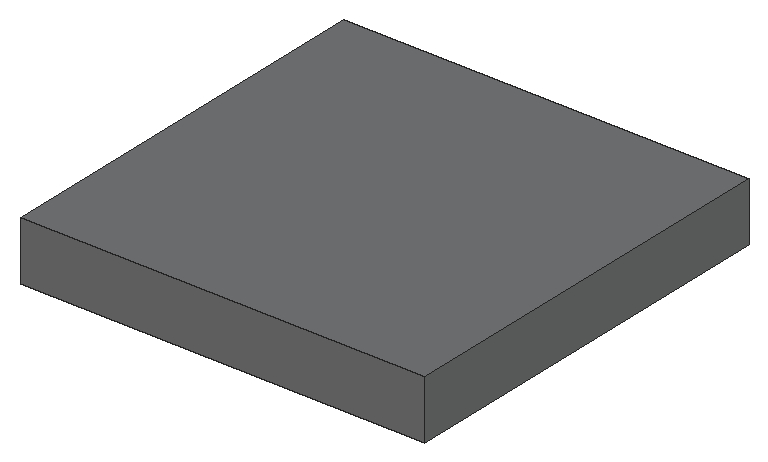
Revit family "Gira_536627", category Electrical Fixtures, host Face, Revit 2017
Family settings
  Host = Face
  Maintain Annotation Orientation = No
  Round Connector Dimension = Use Diameter
  Part Type = Normal
  Cut with Voids When Loaded = No
  Shared = No
  Room Calculation Point = No
Parameters (values of type "S3000 Jal.- + Schaltuhr Display System 55 Reinweiß m")
  Werkstoffgüte = "sonstige"
  Werkstoff = "sonstige"
  URL = "http://katalog.gira.de/de_DE/datenblatt.html?artikelnr=536627"
  Transparent = "No"
  Region = "DE"
  RAL-Nummer (ähnlich) = "9010 "
  Oberfläche = "sonstige"
  Name = "S3000 Jal.- + Schaltuhr Display System 55 Reinweiß m"
  Mit LED-Anzeige = "Yes"
  Mit Abdeckung = "Yes"
  Manufacturer URL = "https://www.gira.de/"
  Keynote = "Sys55_Abdeckung_Schalten und Tasten"
  HeinzeBIM = "https://bimportal.heinze.de/bim/s3000-jal-schaltuhr-display-system-55-reinweiss-m/ba0f8faf8da525392db5b70149b47ed1c3a6cdd6"
  Halogenfrei = "Yes"
  HAN = "536627"
  Geeignet für Schalteinsatz = "No"
  Geeignet für Jalousieeinsatz = "Yes"
  Geeignet für Dimmeinsatz = "No"
  GTIN = "4010337027461"
  Farbe = "weiß"
  Default Elevation = 1219.2 mm
  Data sheet (1) = "https://katalog.gira.de/de_DE/download.html?artikelnr=536627"
  Category = "Bedienelement intelligent"
  Available = "Yes"
  Ausführung der Oberfläche = "matt"
  Anzahl der Tasten = "2 "
  Anzahl der Betätigungspunkte = "4 "
  Anwendung = "Steuern elektrischer Verbraucher"
  Anthrazit [instance] = Anthrazit
Reference planes
  plane 1 "Center (Front/Back)": y = 0
  plane 2: z = 0
  plane 3 "Center (Left/Right)": x = 0
Forms (mm)
  Extrusion 1, solid, material "Anthrazit" <- "Anthrazit", detail levels fine
    sketch origin (0, 0, 0) x (1, 0, 0) y (0, 1, 0)
      loop
        line (-27.5, 27.5) -> (-27.5, -27.5) -> (27.5, -27.5) -> (27.5, 27.5) -> (-27.5, 27.5)
    from 0 to 8
  Extrusion 2, void
    sketch origin (0, 0, 0) x (1, 0, 0) y (0, 1, 0)
      loop
        line (26, 26) -> (-26, 26) -> (-26, -26) -> (26, -26) -> (26, 26)
    from 0 to 6
  Extrusion 3, solid, material "Anthrazit" <- "Anthrazit", detail levels medium
    sketch origin (0, 0, 0) x (1, 0, 0) y (0, 1, 0)
      loop
        line (-27.5, 27.5) -> (-27.5, -27.5) -> (27.5, -27.5) -> (27.5, 27.5) -> (-27.5, 27.5)
    from 0 to 8
  Extrusion 4, solid, material "Anthrazit" <- "Anthrazit", detail levels medium
    sketch origin (0, 0, 0) x (1, 0, 0) y (0, 1, 0)
      loop
        line (11, -17.5) -> (11, 17.5) -> (-11, 17.5) -> (-11, -17.5) -> (11, -17.5)
    from -6 to 6
  Extrusion 5, solid, material "Anthrazit" <- "Anthrazit", detail levels fine
    sketch origin (0, 0, 0) x (1, 0, 0) y (0, 1, 0)
      loop
        line (11, 17.5) -> (-11, 17.5) -> (-11, 16.5) -> (11, 16.5) -> (11, 17.5)
      loop
        line (-11, -16.5) -> (-11, -17.5) -> (11, -17.5) -> (11, -16.5) -> (-11, -16.5)
    from -4 to 6
  Extrusion 6, solid, material "Anthrazit" <- "Anthrazit", detail levels fine
    sketch origin (0, 0, 0) x (1, 0, 0) y (0, 1, 0)
      loop
        arc (5, 9.347) -> (0, 10.6) -> (-5, 9.347) r 10.6
        line (-5, 9.347) -> (-5, -9.347)
        arc (-5, -9.347) -> (0, -10.6) -> (5, -9.347) r 10.6
        line (5, -9.347) -> (5, 9.347)
    from -6 to 6
  Extrusion 7, solid, material "Anthrazit" <- "Anthrazit", detail levels coarse
    sketch origin (0, 0, 0) x (1, 0, 0) y (0, 1, 0)
      loop
        line (-27.5, 27.5) -> (-27.5, -27.5) -> (27.5, -27.5) -> (27.5, 27.5) -> (-27.5, 27.5)
    from -6 to 8
Cuts and joins
  Extrusion 2 cuts Extrusion 1
Dimensions and locks
  aligned and locked: plane 2 to host face
  aligned and locked: level to host face
